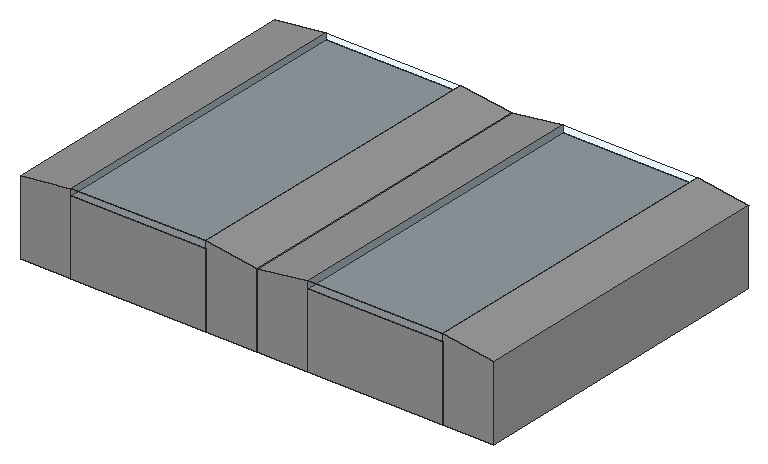
Revit family "ElectricalEquipment_Hager_TPNLighting&Power_250ADualMeterIncomerKits", category Electrical Equipment, host Face, Revit 2015
Parameters (values of type "JKD250PM")
  _DistributedBy = "www.bimstore.co.uk"
  _CurrentRevision = 0
  _CreatedBy = "MajentaSolutions"
  _BimstoreBibleVersion = "V14"
  _BimSpecGuid = 0
  _Author = "MajentaSolutions"
  WarrantyStartDate [instance] = ""
  WarrantyGuarantorParts = "2"
  WarrantyGuarantorLabor = ""
  WarrantyDurationUnit = "Years"
  WarrantyDurationParts = 2
  WarrantyDurationLabor = 0
  WarrantyDescription = "See Manufacturer"
  Voltage = "230V"
  URL = "http://www.hager.co.uk/"
  TypeName = Category  # "ElectricalEquipment"
  Type Comments = Model  # "JK250PM"
  TagNumber [instance] = ""
  SustainabilityPerformance = ""
  Size = ""
  built-in parameter 1140080 [instance] = "16kA"
  Shape = "Rectangular"
  ServiceLifeDuration = 0
  SerialNumber [instance] = ""
  ReplacementCost = 0
  Outgoing = "63A"
  NominalWidth = 930 mm
  NominalLength = 0 mm  # constant formula
  NominalHeight = 625 mm
  NominalDepth = 165.5 mm
  Neutral Rating = 1  # 100.00%
  NBSReference = ClassificationValue  # "Pr_80_77_28_16"
  NBSOfficeMasterTag = "n/a"
  NBSObjectName = "Hager_TripleMeteredBoards_JKD250PM"
  NBSNote = ""
  NBSDescription = Category  # "ElectricalEquipment"
  built-in parameter 1140081 [instance] = "ElectricalEquipment"
  ModelReference = ""
  ModelNumber = ""
  ModelLabel = ""
  Model = "JK250PM"
  Material = "MildSteel,ABS,AcousticComposite"
  ManufacturerName = Manufacturer  # "Hager"
  Manufacturer = "Hager"
  Mains Type = "AC"
  Keynote = "V"
  InstallationDate [instance] = ""
  Incoming = "125A"
  IfcExportType = ""
  IfcExportAs = "ElectricalEquipment"
  Grade = ""
  Finish = ""
  Features = Description  # "250ADualMultiFunctionMeteredIncomer.PulsedAndModbus.SideBySide"
  ExpectedLife = 10
  EAN = "3250610459577"
  DurationUnit = "Years"
  DocumentationTechnical = "http://www.hager.co.uk/product-catalogue/energy-distribution/consumer-units/design-range-of-consumer-units/design-10/51386.htm"
  DocumentationMaintenance = ""
  DocumentationLiterature = "http://www.hager.co.uk/product-catalogue/energy-distribution/consumer-units/design-range-of-consumer-units/design-10/51386.htm"
  DocumentationInstallationGuide = ""
  DocumentationCertificates = ""
  Description = "250ADualMultiFunctionMeteredIncomer.PulsedAndModbus.SideBySide"
  Default Elevation = 500 mm
  CreatedOn = "22.06.17"
  CreatedBy = "MajentaSolutions"
  Constituents = ""
  Colour = "RAL 9010 White Gloss"
  CodePerformance = ""
  ClassificationValue = "Pr_80_77_28_16"
  ClassificationName = "Uniclass2015"
  Category = "ElectricalEquipment"
  BarCode [instance] = ""
  BIMObjectName = "Hager_ElectricalEquipment_TripleMeteredBoards_JKD250PM"
  AssetType = "Fixed"
  AssetIdentifier [instance] = ""
  Assembly Code = "D5010"
  AccessibilityPerformance = ""
Reference planes
  plane 1 "Center (Front/Back)": y = 0
  plane 2: z = 0
  plane 3 "Center (Left/Right)": x = 0
  plane 4: y = 312.5
  plane 5: z = 165.5
  plane 6: y = -312.5
  plane 7: z = 145.5
Forms (mm)
  Extrusion 1, solid, material "MildSteel,ABS,AcousticComposite", detail levels fine
    sketch origin (-232.5, 0, 0) x (1, 0, 0) y (0, 0, 1)
      loop
        line (-132.5, 0) -> (132.5, 0) -> (132.5, 145.5) -> (-132.5, 145.5) -> (-132.5, 0)
    from -312.5 to 312.5
  Extrusion 2, solid, detail levels medium
    sketch origin (-232.5, 0, 0) x (1, 0, 0) y (0, 1, 0)
      loop
        line (-232.5, 312.5) -> (-232.5, -312.5) -> (232.5, -312.5) -> (232.5, 312.5) -> (-232.5, 312.5)
    from 0 to 165.5
  Extrusion 3, solid, material "Steel-Monodraught-HTM-Polished", detail levels medium+fine
    sketch origin (-232.5, 0, 0) x (1, 0, 0) y (0, 0, 1)
      loop
        line (-232.5, 145.5) -> (-232.5, 0) -> (232.5, 0) -> (232.5, 145.5)
        arc (232.5, 145.5) -> (182.626, 153.208) -> (132.5, 159.059) r 1359.262
        line (132.5, 159.059) -> (132.5, 145.5) -> (-132.5, 145.5) -> (-132.5, 159.059)
        arc (-132.5, 159.059) -> (-182.626, 153.208) -> (-232.5, 145.5) r 1359.262
    from -312.5 to 312.5
  Extrusion 4, solid, material "Glass", detail levels medium+fine
    sketch origin (-232.5, 0, 0) x (1, 0, 0) y (0, 0, 1)
      loop
        line (-132.5, 145.5) -> (132.5, 145.5) -> (132.5, 159.059)
        arc (132.5, 159.059) -> (0, 165.532) -> (-132.5, 159.059) r 1359.262
        line (-132.5, 159.059) -> (-132.5, 145.5)
    from -312.5 to 312.5
  Extrusion 5, solid, material "MildSteel,ABS,AcousticComposite", detail levels fine
    sketch origin (232.5, 0, 0) x (1, 0, 0) y (0, 0, 1)
      loop
        line (-132.5, 0) -> (132.5, 0) -> (132.5, 145.5) -> (-132.5, 145.5) -> (-132.5, 0)
    from -312.5 to 312.5
  Extrusion 6, solid, detail levels medium
    sketch origin (232.5, 0, 0) x (1, 0, 0) y (0, 1, 0)
      loop
        line (-232.5, 312.5) -> (-232.5, -312.5) -> (232.5, -312.5) -> (232.5, 312.5) -> (-232.5, 312.5)
    from 0 to 165.5
  Extrusion 7, solid, material "Steel-Monodraught-HTM-Polished", detail levels medium+fine
    sketch origin (232.5, 0, 0) x (1, 0, 0) y (0, 0, 1)
      loop
        line (-232.5, 145.5) -> (-232.5, 0) -> (232.5, 0) -> (232.5, 145.5)
        arc (232.5, 145.5) -> (182.626, 153.208) -> (132.5, 159.059) r 1359.262
        line (132.5, 159.059) -> (132.5, 145.5) -> (-132.5, 145.5) -> (-132.5, 159.059)
        arc (-132.5, 159.059) -> (-182.626, 153.208) -> (-232.5, 145.5) r 1359.262
    from -312.5 to 312.5
  Extrusion 8, solid, material "Glass", detail levels medium+fine
    sketch origin (232.5, 0, 0) x (1, 0, 0) y (0, 0, 1)
      loop
        line (-132.5, 145.5) -> (132.5, 145.5) -> (132.5, 159.059)
        arc (132.5, 159.059) -> (0, 165.532) -> (-132.5, 159.059) r 1359.262
        line (-132.5, 159.059) -> (-132.5, 145.5)
    from -312.5 to 312.5
Lines and regions (mm)
  symbolic lines, style "ElectricalEquipment"
    curve 1: line (-232.5, 0, 141.286) -> (232.5, 0, 141.286)
    curve 2: line (-232.5, 0, 0) -> (-232.5, 0, 141.286)
    curve 3: line (232.5, 0, 0) -> (-232.5, 0, 0)
    curve 4: line (232.5, 0, 141.286) -> (232.5, 0, 0)
    curve 5: line (-232.5, 0, 0) -> (232.5, 0, 141.286)
    curve 14: line (232.5, 0, 0) -> (232.5, 0, 141.286)
  model lines
    curve 6: line (-465, 312.5, 0) -> (-465, -312.5, 0)
    curve 7: line (0, 312.5, 0) -> (-465, 312.5, 0)
    curve 8: line (0, 312.5, 0) -> (0, -312.5, 0)
    curve 9: line (0, -312.5, 0) -> (-465, -312.5, 0)
    curve 10: line (-365, 312.5, 0) -> (-365, -312.5, 0)
    curve 11: line (-100, 312.5, 0) -> (-100, -312.5, 0)
    curve 15: line (0, 312.5, 0) -> (0, -312.5, 0)
    curve 16: line (465, 312.5, 0) -> (0, 312.5, 0)
    curve 17: line (465, 312.5, 0) -> (465, -312.5, 0)
    curve 18: line (465, -312.5, 0) -> (0, -312.5, 0)
    curve 19: line (100, 312.5, 0) -> (100, -312.5, 0)
    curve 20: line (365, 312.5, 0) -> (365, -312.5, 0)
  symbolic lines
    curve 12: line (-465, 0, 145.5) -> (-465, 0, 615.5)
    curve 13: arc (-465, 0, 615.5) -> (-135.317, 0, 473.643) -> (0.619, 0, 141.474) r 474.313
    curve 21: line (0, 0, 145.5) -> (0, 0, 615.5)
    curve 22: arc (0, 0, 615.5) -> (329.683, 0, 473.643) -> (465.619, 0, 141.474) r 474.313
Dimensions and locks
  "NominalDepth": plane 5 to plane 2
  locked: plane 5 to plane 7 at 20
  equal spacing: plane 6, plane 1 "Center (Front/Back)", plane 4
  "NominalHeight": plane 6 to plane 4
  "NominalWidth": Extrusion 3 to Extrusion 7
  aligned and locked: plane 2 to host face
  aligned and locked: level to host face
  aligned and locked: plane 6 to Extrusion 1
  aligned and locked: Extrusion 1 to plane 4
  aligned and locked: curve 7 to plane 4
  aligned and locked: curve 9 to plane 6
  aligned and locked: Extrusion 2 sketch curve to curve 7
  aligned and locked: Extrusion 2 sketch curve to curve 6
  aligned and locked: Extrusion 2 sketch curve to curve 9
  aligned and locked: Extrusion 2 sketch curve to curve 8
  aligned and locked: plane 5 to Extrusion 2
  aligned and locked: Extrusion 2 to level
  aligned and locked: Extrusion 3 sketch curve to plane 2
  aligned and locked: Extrusion 4 sketch curve to plane 7
  aligned and locked: plane 6 to Extrusion 4
  aligned and locked: Extrusion 4 to plane 4
  aligned and locked: Extrusion 3 to plane 4
  aligned and locked: plane 6 to Extrusion 3
  aligned and locked: Extrusion 6 sketch curve to curve 16
  aligned and locked: Extrusion 6 sketch curve to curve 15
  aligned and locked: Extrusion 6 sketch curve to curve 18
  aligned and locked: Extrusion 6 sketch curve to curve 17
  aligned and locked: Extrusion 7 to plane 4
  aligned and locked: Extrusion 8 to plane 4
  aligned and locked: plane 6 to Extrusion 7
  aligned and locked: plane 6 to Extrusion 8
  aligned and locked: plane 6 to Extrusion 5
  aligned and locked: Extrusion 5 to plane 4
Automatic sketch dimensions
  host sketch curve to host sketch curve = 2438.4 mm  (x2)
  curve 8 to plane 3 "Center (Left/Right)" = 0 mm
  curve 6 to curve 10 = 100 mm
  curve 20 to curve 16 = 100 mm
  Extrusion 1 sketch curve to plane 7 = 0 mm
  Extrusion 1 sketch curve to level = 0 mm
  Extrusion 3 sketch curve to Extrusion 3 sketch curve = 0 mm  (x4)
  Extrusion 3 sketch curve to plane 7 = 0 mm  (x3)
  Extrusion 3 sketch curve to plane 3 "Center (Left/Right)" = 0 mm
  Extrusion 3 sketch curve to Extrusion 3 sketch curve = 100 mm
  Extrusion 3 sketch curve to plane 5 = 6.441 mm
  Extrusion 3 sketch curve to plane 3 "Center (Left/Right)" = 100 mm
  Extrusion 4 sketch curve to level = 1193.73 mm
  Extrusion 4 sketch curve to plane 5 = 6.441 mm
  Extrusion 5 sketch curve to plane 7 = 0 mm
  Extrusion 5 sketch curve to level = 0 mm
  Extrusion 7 sketch curve to Extrusion 7 sketch curve = 0 mm  (x4)
  Extrusion 7 sketch curve to level = 0 mm
  Extrusion 7 sketch curve to plane 3 "Center (Left/Right)" = 0 mm
  Extrusion 7 sketch curve to plane 7 = 0 mm  (x3)
  Extrusion 7 sketch curve to plane 5 = 6.441 mm  (x2)
  plane 3 "Center (Left/Right)" to Extrusion 7 sketch curve = 100 mm
  Extrusion 8 sketch curve to plane 7 = 0 mm
  Extrusion 8 sketch curve to level = 1193.73 mm
  Extrusion 8 sketch curve to plane 5 = 6.441 mm
  curve 12 to plane 7 = 0 mm
  curve 3 to level = 0 mm
  curve 21 to plane 3 "Center (Left/Right)" = 0 mm
  curve 21 to plane 7 = 0 mm
  curve 13 to plane 7 = 4.234 mm
  curve 13 to curve 12 = 8.694 mm
  curve 22 to plane 7 = 4.234 mm
  curve 22 to plane 3 "Center (Left/Right)" = 8.694 mm
  curve 5 to plane 7 = 4.214 mm
  plane 5 to curve 21 = 450 mm
  plane 5 to curve 12 = 450 mm
  plane 3 "Center (Left/Right)" to curve 13 = 0.619 mm
  curve 22 to plane 7 = 4.026 mm
  curve 12 to curve 22 = 465 mm
  plane 3 "Center (Left/Right)" to curve 14 = 232.5 mm
  curve 7 to curve 16 = 465 mm
  curve 8 to curve 19 = 100 mm
  plane 3 "Center (Left/Right)" to Extrusion 5 sketch curve = 100 mm
  Extrusion 5 sketch curve to Extrusion 5 sketch curve = 265 mm
  plane 3 "Center (Left/Right)" to Extrusion 7 sketch curve = 232.5 mm
  Extrusion 7 sketch curve to Extrusion 7 sketch curve = 265 mm
  plane 3 "Center (Left/Right)" to Extrusion 8 sketch curve = 100 mm
  plane 3 "Center (Left/Right)" to Extrusion 8 sketch curve = 232.5 mm
  Extrusion 8 sketch curve to Extrusion 8 sketch curve = 265 mm
  curve 3 to plane 3 "Center (Left/Right)" = 232.5 mm
  curve 6 to plane 3 "Center (Left/Right)" = 465 mm
  curve 11 to plane 3 "Center (Left/Right)" = 100 mm
  Extrusion 1 sketch curve to plane 3 "Center (Left/Right)" = 365 mm
  Extrusion 1 sketch curve to plane 3 "Center (Left/Right)" = 100 mm
  Extrusion 3 sketch curve to plane 3 "Center (Left/Right)" = 232.5 mm
  Extrusion 3 sketch curve to Extrusion 3 sketch curve = 265 mm
  Extrusion 4 sketch curve to plane 3 "Center (Left/Right)" = 365 mm
  Extrusion 4 sketch curve to plane 3 "Center (Left/Right)" = 232.5 mm
  Extrusion 4 sketch curve to plane 3 "Center (Left/Right)" = 100 mm
Connectors
  electrical at (-232.5, 0, 0)
    settings: on Extrusion 2, index 1, voltage 0 V, apparent load 0 VA, apparent load phase1 0 VA, apparent load phase2 0 VA, apparent load phase3 0 VA, power factor 1, load classification "Other", number of poles 1, system type 31, power factor state 1, is connector primary yes, connector utility no, sub classification motor no, connector description ""
